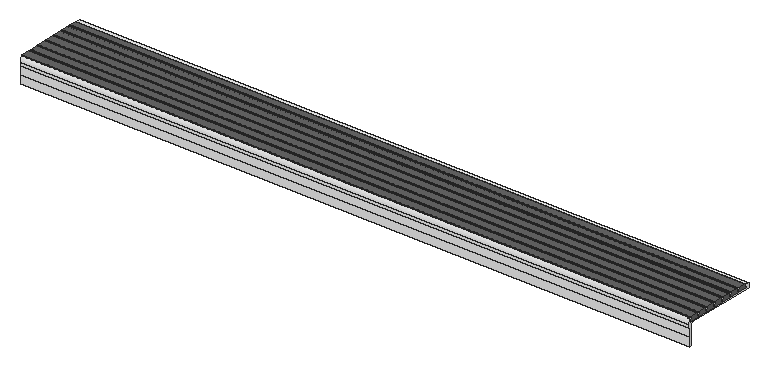
Revit family "Stair_Tread-Wooster-Supergrit_Safety_Treads-142", category Specialty Equipment, host Face, Revit 2017
Family settings
  Host = Face
  Round Connector Dimension = Use Diameter
  Part Type = Normal
  OmniClass Number = 23.30.70.21.11.11.11
  OmniClass Title = Stair Nosings
  Cut with Voids When Loaded = No
  Shared = No
  Room Calculation Point = No
Parameters (values of type "142")
  Width [instance] = 0' - 4"  # constant formula
  Version = "2017 - v2.0a"  # constant formula
  URL = "http://www.wooster-products.com/"
  Support Phone = "(224) 699-9545"  # constant formula
  Support Email = "mailto:support@anguleris.com"
  Safety Tread [instance] = Filler - Wooster - Black - Abrasive Filler
  Product Page URL = "http://www.woosterproducts.com/products/extruded-aluminum/supergrit/"
  Product Name = "Supergrit Nosings / Warning Strips"  # constant formula
  Product Documentation Link = "http://www.woosterproducts.com/spec/142.pdf"
  Model = "142"
  Material = ""
  Manufacturer Phone Number = "1-800-321-4936 or 330-264-2844"  # constant formula
  Manufacturer Fax Number = "330-262-4151"  # constant formula
  Manufacturer Email = "mailto:tim@wooster-products.com"
  Manufacturer Address = "1000 Spruce Street, P.O. BOX 6005, Wooster, OH. 44691"  # constant formula
  Manufacturer = "Wooster Productions Inc"  # constant formula
  Length Constraint [instance] = if(Length > 12' 0", 12' 0", Length)  # 3' - 0"
  Length [instance] = 3' - 0"
  Description = "Anti-Slip Stair Nosing"  # constant formula
  Depth = 0' - 0 1/4"  # constant formula
  Default Elevation = 0' - 0"  # constant formula
  Copyright = "Wooster Products Inc. 2019"  # constant formula
  Construction Type = "Existing Construction"  # constant formula
Values of the unnamed type that differ from the named types
  Support Email = ""
  Product Page URL = "http://www.wooster-products.com/Supergrit_Safety_Treads.html"
  Product Documentation Link = "http://wooster-products.com/pub/Specs/142.pdf"
  Manufacturer Email = ""
Reference planes (in)
  plane 1 "Center (Front/Back)": y = 0
  plane 2: z = 0
  plane 3 "Center (Left/Right)": x = 0
  plane 4 "Left": x = -18
  plane 5 "Right": x = 18
  plane 6 "Back": y = 2
  plane 7 "Front": y = -2
  plane 8 "Bottom": z = -0.23438
  plane 9: z = 0.01562
Forms (in)
  Sweep 1, void
    path origin (0, 24.10549, 0.01562) x (0, 1, 0) y (-1, 0, 0)
      loop
        line (-22.10549, 18) -> (-22.10549, -18)
    profile "Void : Void" origin (0, 2, 0.01562) x (0, 1, 0) y (0, 0, 1)
      loop
        line (0, 0) -> (-3.982, 0) -> (-3.982, -1.37509) -> (-3.857, -1.37509) -> (-3.857, -0.31253)
        arc (-3.857, -0.31253) -> (-3.83869, -0.26834) -> (-3.7945, -0.25003) r 0.0625
        line (-3.7945, -0.25003) -> (0, -0.25003) -> (0, 0)
  Sweep 2, solid, material "Metal - Wooster - Extruded Aluminum"
    path origin (0, 24.10549, 0.01562) x (0, 1, 0) y (-1, 0, 0)
      loop
        line (-22.10549, -18) -> (-22.10549, 18)
    profile "Aluminum Base : Aluminum Base" origin (0, 2, 0.01562) x (0, -1, 0) y (0, 0, 1)
      loop
        line (0, -0.25003) -> (3.7945, -0.25003)
        arc (3.7945, -0.25003) -> (3.83869, -0.26834) -> (3.857, -0.31253) r 0.0625
        line (3.857, -0.31253) -> (3.857, -1.37509) -> (3.9195, -1.37509) -> (3.9195, -0.91709) -> (3.95075, -0.91709) -> (3.95075, -0.45909) -> (3.982, -0.45909) -> (3.982, -0.31253)
        arc (3.982, -0.31253) -> (3.96307, -0.15989) -> (3.90744, -0.01649) r 0.62501
        arc (3.90744, -0.01649) -> (3.87246, -0.00243) -> (3.84948, -0.03232) r 0.0312
        line (3.84948, -0.03232) -> (3.87481, -0.18753) -> (3.40139, -0.18753) -> (3.432, 0) -> (3.307, 0) -> (3.33761, -0.18753) -> (2.86539, -0.18753) -> (2.896, 0) -> (2.771, 0) -> (2.8016, -0.18749) -> (2.3294, -0.18749) -> (2.36, 0) -> (2.235, 0) -> (2.26561, -0.18753) -> (1.79339, -0.18753) -> (1.824, 0) -> (1.699, 0) -> (1.72961, -0.18751) -> (1.25739, -0.18753) -> (1.288, 0) -> (1.163, 0) -> (1.19361, -0.18753) -> (0.72139, -0.18753) -> (0.752, 0) -> (0.627, 0) -> (0.65761, -0.18751) -> (0.18539, -0.18753) -> (0.216, 0) -> (0, 0) -> (0, -0.25003)
  Sweep 3, solid, material "Filler - Wooster - Black - Abrasive Filler" <- "Safety Tread"
    path origin (0, 24.10549, 0.01562) x (0, 1, 0) y (-1, 0, 0)
      loop
        line (-22.10549, 18) -> (-22.10549, -18)
    profile "Abrasive Filler : Abrasive Filler" origin (0, 2, 0.01562) x (0, 1, 0) y (0, 0, 1)
      loop
        line (-0.65761, -0.18751) -> (-0.18539, -0.18753) -> (-0.216, 0) -> (-0.216, 0.03125) -> (-0.627, 0.03125) -> (-0.627, 0) -> (-0.65761, -0.18751)
      loop
        line (-0.72139, -0.18753) -> (-0.752, 0) -> (-0.752, 0.03125) -> (-1.163, 0.03125) -> (-1.163, 0) -> (-1.19361, -0.18753) -> (-0.72139, -0.18753)
      loop
        line (-1.699, 0) -> (-1.72961, -0.18751) -> (-1.25739, -0.18753) -> (-1.288, 0) -> (-1.288, 0.03125) -> (-1.699, 0.03125) -> (-1.699, 0)
      loop
        line (-2.26561, -0.18753) -> (-1.79339, -0.18753) -> (-1.824, 0) -> (-1.824, 0.03125) -> (-2.235, 0.03125) -> (-2.235, 0) -> (-2.26561, -0.18753)
      loop
        line (-2.3294, -0.18749) -> (-2.36, 0) -> (-2.36, 0.03125) -> (-2.771, 0.03125) -> (-2.771, 0) -> (-2.8016, -0.18749) -> (-2.3294, -0.18749)
      loop
        line (-3.33761, -0.18753) -> (-2.86539, -0.18753) -> (-2.896, 0) -> (-2.896, 0.03125) -> (-3.307, 0.03125) -> (-3.307, 0) -> (-3.33761, -0.18753)
      loop
        line (-3.84948, 0.03125) -> (-3.84948, -0.03232) -> (-3.87481, -0.18753) -> (-3.40139, -0.18753) -> (-3.432, 0) -> (-3.432, 0.03125) -> (-3.84948, 0.03125)
Lines and regions (in)
  Masking region 1
    outline origin (0, 0, 0) x (1, 0, 0) y (0, 1, 0)
      loop
        line (-18, 2) -> (-18, -2) -> (18, -2) -> (18, 2) -> (-18, 2)
Dimensions and locks (in)
  equal spacing: plane 4 "Left", plane 3 "Center (Left/Right)", plane 5 "Right"
  "Length Constraint": plane 4 "Left" to plane 5 "Right"
  equal spacing: plane 7 "Front", plane 1 "Center (Front/Back)", plane 6 "Back"
  "Width": plane 7 "Front" to plane 6 "Back"
  locked: plane 9 to plane 8 "Bottom" at 0.25
  locked: plane 2 to plane 8 "Bottom" at 0.23438
  aligned and locked: plane 2 to host face
  aligned and locked: level to host face
  aligned and locked: plane 4 "Left" to Sweep 1 sketch curve
  aligned and locked: plane 5 "Right" to Sweep 1 sketch curve
  aligned and locked: Sweep 1 sketch curve to plane 6 "Back"
  aligned and locked: plane 6 "Back" to Sweep 2 sketch curve
  aligned and locked: plane 5 "Right" to Sweep 2 sketch curve
  aligned and locked: plane 4 "Left" to Sweep 2 sketch curve
  aligned and locked: plane 4 "Left" to Sweep 3 sketch curve
  aligned and locked: plane 5 "Right" to Sweep 3 sketch curve
  aligned and locked: Sweep 3 sketch curve to plane 6 "Back"
  aligned and locked: plane 4 "Left" to Masking region 1 sketch curve
  aligned and locked: Masking region 1 sketch curve to plane 6 "Back"
  aligned and locked: Masking region 1 sketch curve to plane 7 "Front"
  aligned and locked: plane 5 "Right" to Masking region 1 sketch curve
Automatic sketch dimensions
  host sketch curve to host sketch curve = 8' - 0"
  host sketch curve to host sketch curve = 4' - 0"
